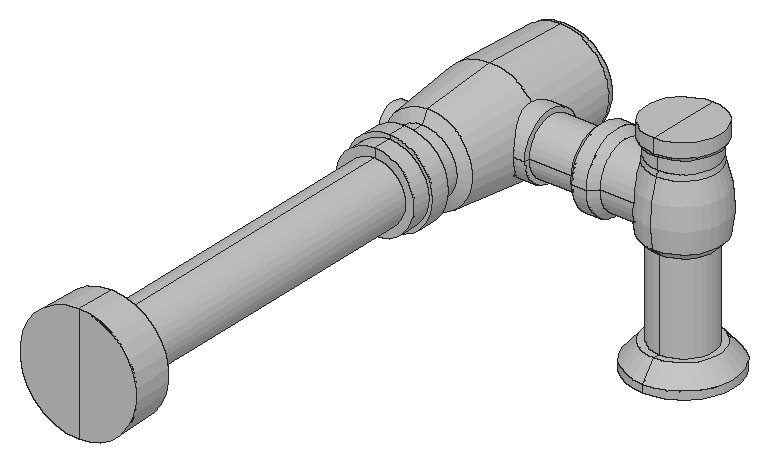
Revit family "Plumbing-Fix_Flush-Valve_Stern_Venus-PE", category Plumbing Fixtures, host Face, Revit 2026
Family settings
  Host = Face
  Round Connector Dimension = Use Diameter
  Part Type = Normal
  Classification Number = 23.45.05.14
  Enable Cutting in Views = No
  Cut with Voids When Loaded = No
  Maintain Annotation Orientation = No
  Shared = No
  Room Calculation Point = No
Parameters (values of type "as Specified")
  Waste Connection = no
  Warranty Duration (Years) = 2
  WFU = 0
  Vent Connection = no
  Unit Width = 0' - 7 1/2"
  Unit Height = 1' - 3 3/4"
  URL = "http://www.sternfaucets.com/"
  Type Comments = "as Specified"
  Standards Conformance = "as Specified"
  Specification = ""
  SpecWizard = ""
  Spacing Between Inlets [instance] = 0' - 4"
  Sales Information = "http://www.sternfaucets.com/contact-us/contact-us-int-l.html"
  Revision = "R1_2018-04"
  Product Properties = ""
  Product Features = "Flushing Piezo Element Separate from Valve"
  Product Data = "http://www.arcat.com/arcatcos/cos50/arc50092.html"
  Power Supply = "9V Transformer"
  Piping_Outlet Diameter [instance] = 1/2"
  Piping_Inlet Diameter = 1"
  Piping_Flow = 0 GPM
  Operating Temperature Range = "as Specified"
  Operating Pressure Range = "7.26 - 116 PSI  ;  0.5 - 8 bar"
  Model = "Venus 3003R PE"
  Manufacturer Website = "http://www.sternfaucets.com/"
  Manufacturer Phone - Toll Free = "800-436-4410"
  Manufacturer Phone = ""
  Manufacturer Fax = ""
  Manufacturer Address = "777 Passaic Ave.  Clifton, NJ 07012"
  Manufacturer = "Stern Engineering"
  Maintenance Schedule (Months) = 0
  Keynote = ""
  Installation Phase = ""
  HWFU = 0
  HW Connection = no
  Green Building-LEED = ""
  GPF = 1.6
  Fixture Finish [instance] = Finish - Stern - Chrome
  Expected Lifespan (Years) = 0
  Drawn By = "Sumex Design, Inc. / Robert S. Weygant, CSI, CDT, SCIP"
  Distance from Mounting Surface [instance] = 0' - 3 3/4"
  Description = "Stern High Security Flush Valve - Venus 3003R PE as Specified"
  Default Elevation = 0' - 0"
  Cost = 0
  Copyright = "©Arcat Inc."
  Construction Details = ""
  CWFU = 1
  CW Connection = yes
  Body Construction = "Brass"
  Available Options = "as Specified"
  Assembly Code = "D2010300"
  Accent Color [instance] = Finish - Stern - Black
Reference planes (in)
  plane 1 "Center (Front/Back)": y = 0
  plane 2: z = 0
  plane 3 "Center (Left/Right)": x = 0
  plane 4: z = 3.75
  plane 5: x = -4.75
Forms (in)
  Revolve 1, solid, material "Finish - Stern - Chrome" <- "Fixture Finish"
    sketch origin (-4.75, 6.36615, 48) x (0, 1, 0) y (0, 0, 1)
      loop
        line (-18.99434, -44.25) -> (-3.41744, -44.25) -> (-3.41744, -43.91322) -> (-3.99434, -43.91322) -> (-3.99434, -43.25)
        arc (-3.99434, -43.25) -> (-4.05205, -43.11069) -> (-4.19136, -43.05298) r 0.19702
        line (-4.19136, -43.05298) -> (-6.36615, -42.95084) -> (-8.25424, -43.14929) -> (-8.41452, -43.42691) -> (-8.84011, -43.42691) -> (-8.97937, -43.18572) -> (-9.44536, -43.18572) -> (-9.44536, -43.28457) -> (-9.89724, -43.28457) -> (-9.89724, -43.5) -> (-17.73212, -43.5) -> (-17.73212, -43.1466) -> (-17.98212, -43.1466) -> (-17.98212, -42.85102) -> (-18.99434, -42.81567) -> (-18.99434, -44.25)
      axis (-18.99434, -44.25) -> (-3.41744, -44.25)
    angle from 0 to 360
  Revolve 2, solid, material "Finish - Stern - Chrome" <- "Fixture Finish"
    sketch origin (0, 0, 0) x (0, 1, 0) y (0, 0, 1)
      loop
        line (0, 0) -> (1.25, 0) -> (1.25, 0.18675) -> (0.89413, 0.61086) -> (0.73252, 0.61086) -> (0.73252, 2.81104) -> (0.92499, 3.00351)
        arc (0.92499, 3.00351) -> (0.99291, 3.79453) -> (0.81556, 4.56841) r 2.56366
        line (0.81556, 4.56841) -> (0.79234, 4.70006) -> (0.79234, 5.04851) -> (0.86791, 5.04851) -> (0.90919, 5.11999) -> (0.90919, 5.45663) -> (0, 5.45663) -> (0, 0)
      axis (0, 5.45663) -> (0, 0)
    angle from 0 to 360
  Revolve 3, solid, material "Finish - Stern - Chrome" <- "Fixture Finish"
    sketch origin (0, 5.3407, 3.75) x (1, 0, 0) y (0, 1, 0)
      loop
        line (-4.75, -4.53857) -> (-4.75, -5.3407) -> (0, -5.3407) -> (0, -4.55851) -> (-1.43393, -4.55851) -> (-1.6107, -4.38174) -> (-1.97071, -4.38174) -> (-2.09629, -4.50732) -> (-2.09629, -4.65802) -> (-3.25, -4.65802) -> (-3.25, -4.53857) -> (-4.75, -4.53857)
      axis (-4.75, -5.3407) -> (0, -5.3407)
    angle from 0 to 360
  Revolve 4, solid, material "Finish - Stern - Chrome" <- "Fixture Finish"
    sketch origin (0, 5.3407, 3.75) x (1, 0, 0) y (0, 1, 0)
      loop
        line (-6.33396, -6.51227) -> (-5.44308, -6.51227) -> (-5.44308, -6.03903) -> (-6.17422, -6.03903) -> (-6.17422, -6.26344) -> (-6.23566, -6.26344)
        arc (-6.23566, -6.26344) -> (-6.30517, -6.29223) -> (-6.33396, -6.36174) r 0.0983
        line (-6.33396, -6.36174) -> (-6.33396, -6.51227)
      axis (-6.33396, -6.51227) -> (-5.44308, -6.51227)
    angle from 0 to 360
Dimensions and locks (in)
  "Distance from Mounting Surface": plane 4 to host face
  Revolve 2 sketch curve to Revolve 2 sketch curve to host face to Revolve 2 sketch curve = 0' - 0.42411" locked, 0' - 0.18675" locked, 0' - 0" locked
  locked: plane 5 to plane 3 "Center (Left/Right)" at 4.75
  aligned and locked: plane 2 to host face
  aligned and locked: level to host face
Automatic sketch dimensions
  host sketch curve to host sketch curve = 8' - 0"  (x2)
  plane 1 "Center (Front/Back)" to Revolve 3 sketch curve = 0' - 0"  (x2)
  Revolve 3 sketch curve to plane 5 = 0' - 0"
  Revolve 3 sketch curve to plane 3 "Center (Left/Right)" = 0' - 0"
  Revolve 3 sketch curve to plane 1 "Center (Front/Back)" = 0' - 0.68268"
  plane 5 to Revolve 3 sketch curve = 0' - 1 1/2"
  Revolve 3 sketch curve to plane 1 "Center (Front/Back)" = 0' - 0.83338"
  Revolve 3 sketch curve to Revolve 3 sketch curve = 0' - 1.15371"
  Revolve 3 sketch curve to plane 1 "Center (Front/Back)" = 0' - 0.95896"
  Revolve 3 sketch curve to Revolve 3 sketch curve = 0' - 0.12558"
  Revolve 3 sketch curve to Revolve 3 sketch curve = 0' - 0.36"
  Revolve 3 sketch curve to Revolve 3 sketch curve = 0' - 0.17678"  (x2)
  Revolve 3 sketch curve to Revolve 3 sketch curve = 0' - 0.11945"
  Revolve 3 sketch curve to plane 5 = 0' - 0.18572"
  Revolve 3 sketch curve to Revolve 3 sketch curve = 0' - 3.06428"
  Revolve 2 sketch curve to plane 1 "Center (Front/Back)" = 0' - 0"  (x2)
  plane 4 to Revolve 2 sketch curve = 0' - 0.1343"
  plane 1 "Center (Front/Back)" to Revolve 2 sketch curve = 0' - 1.56451"
  Revolve 2 sketch curve to plane 1 "Center (Front/Back)" = 0' - 0.73252"
  Revolve 2 sketch curve to Revolve 2 sketch curve = 0' - 0.02321"
  Revolve 2 sketch curve to Revolve 2 sketch curve = 0' - 0.07557"
  Revolve 2 sketch curve to Revolve 2 sketch curve = 0' - 0.16161"
  Revolve 2 sketch curve to Revolve 2 sketch curve = 0' - 0.04127"
  plane 4 to Revolve 2 sketch curve = 0' - 0.74649"
  Revolve 2 sketch curve to Revolve 2 sketch curve = 0' - 0.19247"  (x2)
  Revolve 2 sketch curve to Revolve 2 sketch curve = 0' - 0.35587"
  Revolve 2 sketch curve to Revolve 2 sketch curve = 0' - 0.13165"
  Revolve 2 sketch curve to Revolve 2 sketch curve = 0' - 0.34845"
  Revolve 2 sketch curve to Revolve 2 sketch curve = 0' - 0.07148"
  Revolve 2 sketch curve to level = 0' - 3"
  Revolve 2 sketch curve to Revolve 2 sketch curve = 0' - 1.54337"
  Revolve 2 sketch curve to plane 1 "Center (Front/Back)" = 0' - 0.79234"
  Revolve 2 sketch curve to Revolve 2 sketch curve = 0' - 0.33664"
  Revolve 4 sketch curve to plane 5 = 0' - 1.58396"
  Revolve 4 sketch curve to Revolve 4 sketch curve = 0' - 0.0983"
  Revolve 4 sketch curve to Revolve 4 sketch curve = 0' - 0.06144"
  Revolve 4 sketch curve to plane 5 = 0' - 0.69308"
  plane 1 "Center (Front/Back)" to Revolve 4 sketch curve = 0' - 1.17158"
  Revolve 4 sketch curve to Revolve 4 sketch curve = 0' - 0.15053"
  Revolve 4 sketch curve to Revolve 4 sketch curve = 0' - 0.47325"
  Revolve 4 sketch curve to Revolve 4 sketch curve = 0' - 0.72167"
  plane 5 to Revolve 4 sketch curve = 0' - 0.44437"
  Revolve 4 sketch curve to Revolve 4 sketch curve = 0' - 0"
  plane 4 to Revolve 1 sketch curve = 0' - 0"  (x2)
  Revolve 1 sketch curve to plane 1 "Center (Front/Back)" = 0' - 0"
  plane 1 "Center (Front/Back)" to Revolve 1 sketch curve = 0' - 1.88808"
  Revolve 1 sketch curve to Revolve 1 sketch curve = 0' - 0.16028"
  Revolve 1 sketch curve to plane 4 = 0' - 0.82309"
  Revolve 1 sketch curve to Revolve 1 sketch curve = 0' - 0.42559"
  Revolve 1 sketch curve to plane 4 = 0' - 1.06428"
  Revolve 1 sketch curve to Revolve 1 sketch curve = 0' - 0.13925"
  Revolve 1 sketch curve to Revolve 1 sketch curve = 0' - 0.466"
  Revolve 1 sketch curve to Revolve 1 sketch curve = 0' - 0.45188"
  Revolve 1 sketch curve to plane 4 = 0' - 0 3/4"
  Revolve 1 sketch curve to Revolve 1 sketch curve = 0' - 7.83488"
  Revolve 1 sketch curve to plane 4 = 0' - 1.39898"
  Revolve 1 sketch curve to Revolve 1 sketch curve = 0' - 0 1/4"
  Revolve 1 sketch curve to plane 4 = 0' - 1.43433"
  Revolve 1 sketch curve to Revolve 1 sketch curve = 0' - 1.01222"
  Revolve 1 sketch curve to plane 1 "Center (Front/Back)" = 0' - 2.17479"
  Revolve 1 sketch curve to Revolve 1 sketch curve = 0' - 0.19702"
  Revolve 1 sketch curve to Revolve 1 sketch curve = 0' - 0.21543"
  Revolve 1 sketch curve to plane 4 = 0' - 1"
  Revolve 1 sketch curve to Revolve 1 sketch curve = 0' - 0.27762"
  Revolve 1 sketch curve to Revolve 1 sketch curve = 0' - 0.3534"
  Revolve 1 sketch curve to plane 4 = 0' - 1.29916"
  Revolve 1 sketch curve to Revolve 1 sketch curve = 0' - 1.87181"
  Revolve 1 sketch curve to Revolve 1 sketch curve = 0' - 0.1731"
  Revolve 1 sketch curve to Revolve 1 sketch curve = 0' - 0.33678"
  Revolve 1 sketch curve to Revolve 1 sketch curve = 0' - 0.5769"
Connectors (in)
  piping at (-4.75, -12.62819, 3.75), diameter 0.5, driven by "Piping_Flow", driven by "Piping_Outlet Diameter"
    settings: on Revolve 1, index 1, connector inside diameter 24", connector length 0' - 0", flow factor 0, pipe flow 0 GPM, pressure drop 0.00 psi, fitting loss kfactor 0, connector angle 0.00°, fixture units 0, engagement length 0' - 0", angle of deflection 0.00°, flow configuration 0, flow direction 2, fitting loss method 0, system type 29, joint type 0, gender type 0, connector reference index -1, connector utility 0, adjustable connector no, is connector primary no, connector description "CW Outlet"
  piping at (0, 0, 0), diameter 1, driven by "Piping_Flow", driven by "Piping_Inlet Diameter"
    settings: on Revolve 2, index 2, connector inside diameter 24", connector length 0' - 0", flow factor 0, pipe flow 0 GPM, pressure drop 0.00 psi, fitting loss kfactor 0, connector angle 0.00°, fixture units 0, engagement length 0' - 0", angle of deflection 0.00°, flow configuration 0, flow direction 1, fitting loss method 0, system type 20, joint type 0, gender type 0, connector reference index -1, connector utility 0, adjustable connector no, is connector primary yes, connector description "CW Inlet"
